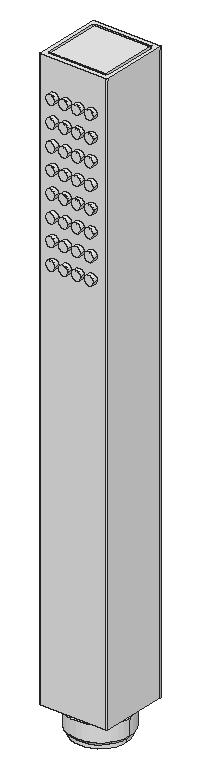
Revit family "Hand_Shower-GROHE-Euphoria_Cube+_Stick-27888000", category Plumbing Fixtures, Revit 2014
Parameters
  cUPC Compliant = yes
  Waste Connection = no
  Warranty Documentation Link = "https://cdn.cloud.grohe.com/tpi/1000/1900/1940/1949/1949006/original/1949006.pdf"
  WFU = 4  # constant formula
  Vent Connection = no
  URL = "https://www.grohe.us/"
  Tempered Connection Radius = Tempered Connection Diameter / 2  # 1/4"
  Tempered Connection Diameter = Hot Water Connection Diameter  # 1/2"
  Product Page URL = "https://www.grohe.us/en_us/euphoria-cube-hand-shower-27888000.html"
  Price = "Prices may vary. Please consult Manufacturer Representative for most up-to-date price list."  # constant formula
  Model = "27888000"
  Material = "Metal-Grohe-000-Chrome"
  Manufacturer = "Grohe"
  Hot Water Connection Diameter = Cold Water Connection Diameter  # 1/2"
  Height = 8 129/256"  # constant formula
  HWFU = 3  # constant formula
  HW Connection = yes
  Flow Rate = "2.0 gpm (7.6 L/min)"
  Finish = Metal-Grohe-000-Chrome
  Description = "Euphoria Cube+ Stick"  # constant formula
  Default Elevation = 0"
  Creation Date = "03/01/2017"  # constant formula
  Cold Water Connection Diameter = 1/2"  # constant formula
  CalGreen Compliant = yes
  CWFU = 3  # constant formula
  CW Connection = yes
  Assembly Code = "D2010710"
Reference planes (in)
  plane 1 "Center (Front/Back)": y = 0
  plane 2: z = 0
  plane 3 "Center (Left/Right)": x = 0
  plane 4: z = 8.50391
Forms (in)
  Extrusion 1, solid, material "Metal-Grohe-000-Chrome" <- "Finish"
    sketch origin (0, 0, 0) x (1, 0, 0) y (0, 1, 0)
      loop
        line (0.45239, 0.47243) -> (-0.45239, 0.47243)
        arc (-0.45239, 0.47243) -> (-0.46657, 0.46656) -> (-0.47244, 0.45239) r 0.02004
        line (-0.47244, 0.45239) -> (-0.47244, -0.45239)
        arc (-0.47244, -0.45239) -> (-0.46657, -0.46656) -> (-0.45239, -0.47243) r 0.02004
        line (-0.45239, -0.47243) -> (0.45239, -0.47244)
        arc (0.45239, -0.47244) -> (0.46657, -0.46656) -> (0.47244, -0.45239) r 0.02004
        line (0.47244, -0.45239) -> (0.47244, 0.45239)
        arc (0.47244, 0.45239) -> (0.46657, 0.46656) -> (0.45239, 0.47243) r 0.02004
    from 0.39371 to 8.50391
  Revolve 2, solid, material "Metal-Grohe-000-Chrome" <- "Finish"
    sketch origin (0, 0, 0) x (1, 0, 0) y (0, 0, 1)
      loop
        line (-0.4125, 0.31496) -> (-0.4125, 0.09754) -> (-0.3622, 0.04724) -> (-0.3622, 0) -> (0, 0) -> (0, 0.48079) -> (-0.30511, 0.48079)
        arc (-0.30511, 0.48079) -> (-0.32099, 0.39351) -> (-0.3622, 0.31496) r 0.2937
        line (-0.3622, 0.31496) -> (-0.4125, 0.31496)
      axis (0, 0.48079) -> (0, 0)
    angle from 0 to 360
  Extrusion 3, solid, material "Metal-Grohe-000-Chrome" <- "Finish"
    sketch origin (0, 0, 0) x (1, 0, 0) y (0, 0, 1)
      loop
        circle (-0.26772, 8.02166) r 0.06317
      loop
        circle (-0.08858, 8.02166) r 0.06317
      loop
        circle (-0.26772, 7.72639) r 0.06317
      loop
        circle (-0.08858, 7.72639) r 0.06317
      loop
        circle (-0.26772, 7.4311) r 0.06317
      loop
        circle (-0.08858, 7.4311) r 0.06317
      loop
        circle (-0.26772, 7.13584) r 0.06317
      loop
        circle (-0.08858, 7.13584) r 0.06317
      loop
        circle (-0.26772, 6.84056) r 0.06317
      loop
        circle (-0.08858, 6.84056) r 0.06317
      loop
        circle (-0.26772, 6.54529) r 0.06317
      loop
        circle (-0.08858, 6.54529) r 0.06317
      loop
        circle (-0.26772, 6.25) r 0.06317
      loop
        circle (-0.08858, 6.25) r 0.06317
      loop
        circle (-0.26772, 5.95472) r 0.06317
      loop
        circle (-0.08858, 5.95472) r 0.06317
      loop
        circle (0.26772, 8.02166) r 0.06317
      loop
        circle (0.08858, 8.02166) r 0.06317
      loop
        circle (0.26772, 7.72639) r 0.06317
      loop
        circle (0.08858, 7.72639) r 0.06317
      loop
        circle (0.26772, 7.4311) r 0.06317
      loop
        circle (0.08858, 7.4311) r 0.06317
      loop
        circle (0.26772, 7.13584) r 0.06317
      loop
        circle (0.08858, 7.13584) r 0.06317
      loop
        circle (0.26772, 6.84056) r 0.06317
      loop
        circle (0.08858, 6.84056) r 0.06317
      loop
        circle (0.26772, 6.54529) r 0.06317
      loop
        circle (0.08858, 6.54529) r 0.06317
      loop
        circle (0.26772, 6.25) r 0.06317
      loop
        circle (0.08858, 6.25) r 0.06317
      loop
        circle (0.26772, 5.95472) r 0.06317
      loop
        circle (0.08858, 5.95472) r 0.06317
    from 0 to 0.5315
  Extrusion 4, void
    sketch origin (0, 0, 0) x (1, 0, 0) y (0, 1, 0)
      loop
        arc (-0.37417, 0.41339) -> (-0.40201, 0.40185) -> (-0.41354, 0.37402) r 0.03937
        line (-0.41354, 0.37402) -> (-0.41354, -0.37402)
        arc (-0.41354, -0.37402) -> (-0.40201, -0.40185) -> (-0.37417, -0.41339) r 0.03937
        line (-0.37417, -0.41339) -> (0.37386, -0.41339)
        arc (0.37386, -0.41339) -> (0.4017, -0.40185) -> (0.41323, -0.37402) r 0.03937
        line (0.41323, -0.37402) -> (0.41323, 0.37402)
        arc (0.41323, 0.37402) -> (0.4017, 0.40185) -> (0.37386, 0.41339) r 0.03937
        line (0.37386, 0.41339) -> (-0.37417, 0.41339)
      loop
        line (0.38198, 0.38214) -> (-0.38229, 0.38214) -> (-0.38229, -0.38214) -> (0.38198, -0.38214) -> (0.38198, 0.38214)
    from 8.44195 to 8.50391
Cuts and joins
  Extrusion 4 cuts Extrusion 1
  joined: Extrusion 1, Revolve 2, Extrusion 3
Lines and regions (in)
  Masking region 1
    outline origin (0, 0, 0) x (1, 0, 0) y (0, 1, 0)
      loop
        line (0.45239, 0.47243) -> (-0.45239, 0.47243)
        arc (-0.45239, 0.47243) -> (-0.46657, 0.46656) -> (-0.47244, 0.45239) r 0.02004
        line (-0.47244, 0.45239) -> (-0.47244, -0.45239)
        arc (-0.47244, -0.45239) -> (-0.46657, -0.46656) -> (-0.45239, -0.47243) r 0.02004
        line (-0.45239, -0.47243) -> (-0.33089, -0.47244) -> (-0.33089, -0.5315) -> (0.33089, -0.5315) -> (0.33089, -0.47244) -> (0.45239, -0.47244)
        arc (0.45239, -0.47244) -> (0.46657, -0.46656) -> (0.47244, -0.45239) r 0.02004
        line (0.47244, -0.45239) -> (0.47244, 0.45239)
        arc (0.47244, 0.45239) -> (0.46657, 0.46656) -> (0.45239, 0.47243) r 0.02004
  symbolic lines, detail levels medium+fine
    curve 1: line (-0.20455, -0.5315, 0) -> (-0.20455, -0.47244, 0)
    curve 2: line (-0.20455, -0.47244, 0) -> (-0.15175, -0.47244, 0)
    curve 3: line (-0.15175, -0.47244, 0) -> (-0.15175, -0.5315, 0)
    curve 4: line (-0.02541, -0.5315, 0) -> (-0.02541, -0.47244, 0)
    curve 5: line (-0.02541, -0.47244, 0) -> (0.02541, -0.47244, 0)
    curve 6: line (0.02541, -0.47244, 0) -> (0.02541, -0.5315, 0)
    curve 7: line (0.15175, -0.5315, 0) -> (0.15175, -0.47244, 0)
    curve 8: line (0.15175, -0.47244, 0) -> (0.20455, -0.47244, 0)
    curve 9: line (0.20455, -0.47244, 0) -> (0.20455, -0.5315, 0)
  symbolic lines, detail levels fine
    curve 10: line (-0.33089, -0.47244, 0) -> (-0.20455, -0.47244, 0)
    curve 11: line (-0.15175, -0.47244, 0) -> (-0.02541, -0.47244, 0)
    curve 12: line (0.02541, -0.47244, 0) -> (0.15175, -0.47244, 0)
    curve 13: line (0.20455, -0.47244, 0) -> (0.33089, -0.47244, 0)
    curve 14: arc (-0.37417, 0.41339, 0) -> (-0.40201, 0.40185, 0) -> (-0.41354, 0.37402, 0) r 0.03937
    curve 15: line (-0.41354, 0.37402, 0) -> (-0.41354, -0.37402, 0)
    curve 16: arc (-0.41354, -0.37402, 0) -> (-0.40201, -0.40185, 0) -> (-0.37417, -0.41339, 0) r 0.03937
    curve 17: line (-0.37417, -0.41339, 0) -> (0.37386, -0.41339, 0)
    curve 18: arc (0.37386, -0.41339, 0) -> (0.4017, -0.40185, 0) -> (0.41323, -0.37402, 0) r 0.03937
    curve 19: line (0.41323, -0.37402, 0) -> (0.41323, 0.37402, 0)
    curve 20: arc (0.41323, 0.37402, 0) -> (0.4017, 0.40185, 0) -> (0.37386, 0.41339, 0) r 0.03937
    curve 21: line (0.37386, 0.41339, 0) -> (-0.37417, 0.41339, 0)
    curve 22: line (-0.38229, 0.38214, 0) -> (0.38198, 0.38214, 0)
    curve 23: line (-0.38229, -0.38214, 0) -> (-0.38229, 0.38214, 0)
    curve 24: line (0.38198, -0.38214, 0) -> (-0.38229, -0.38214, 0)
    curve 25: line (0.38198, 0.38214, 0) -> (0.38198, -0.38214, 0)
Dimensions and locks (in)
  "Height": plane 4 to level
  aligned and locked: plane 4 to Extrusion 1
Automatic sketch dimensions
  Extrusion 1 sketch curve to plane 3 "Center (Left/Right)" = 0.47244"
  Extrusion 1 sketch curve to Extrusion 1 sketch curve = 0.02004"  (x3)
  Extrusion 1 sketch curve to Extrusion 1 sketch curve = 0"  (x2)
  plane 3 "Center (Left/Right)" to Extrusion 1 sketch curve = 0.45239"  (x2)
  plane 1 "Center (Front/Back)" to Extrusion 1 sketch curve = 0.47244"
  Extrusion 1 sketch curve to Extrusion 1 sketch curve = 0.02005"  (x2)
  Extrusion 1 sketch curve to plane 1 "Center (Front/Back)" = 0.45239"
  Revolve 2 sketch curve to level = 0"
  Revolve 2 sketch curve to plane 3 "Center (Left/Right)" = 0"  (x2)
  Revolve 2 sketch curve to Revolve 2 sketch curve = 0.30511"
  Revolve 2 sketch curve to Revolve 2 sketch curve = 0.0571"
  level to Revolve 2 sketch curve = 0.04724"
  Revolve 2 sketch curve to Revolve 2 sketch curve = 0"
  level to Revolve 2 sketch curve = 0.09754"
  Revolve 2 sketch curve to Revolve 2 sketch curve = 0.0503"
  Revolve 2 sketch curve to Revolve 2 sketch curve = 0.18619"
  Revolve 2 sketch curve to Revolve 2 sketch curve = 0.21742"
  Revolve 2 sketch curve to Revolve 2 sketch curve = 0.16583"
  Revolve 2 sketch curve to Revolve 2 sketch curve = 0.41392"
  Revolve 2 sketch curve to Revolve 2 sketch curve = 0.06636"
  Extrusion 3 sketch curve to plane 3 "Center (Left/Right)" = 0.26772"  (x8)
  Extrusion 3 sketch curve to plane 3 "Center (Left/Right)" = 0.08858"  (x8)
  plane 3 "Center (Left/Right)" to Extrusion 3 sketch curve = 0.08858"  (x8)
  Extrusion 3 sketch curve to Extrusion 3 sketch curve = 0.17913"  (x8)
  Extrusion 3 sketch curve to plane 4 = 2.54918"
  Extrusion 3 sketch curve to Extrusion 3 sketch curve = 0"  (x22)
  Extrusion 3 sketch curve to Extrusion 3 sketch curve = 0.29528"  (x4)
  Extrusion 3 sketch curve to Extrusion 3 sketch curve = 0.29529"  (x3)
  Extrusion 3 sketch curve to Extrusion 3 sketch curve = 0.29527"  (x2)
  plane 1 "Center (Front/Back)" to Extrusion 4 sketch curve = 0.41339"
  Extrusion 4 sketch curve to plane 1 "Center (Front/Back)" = 0.37402"
  Extrusion 4 sketch curve to plane 3 "Center (Left/Right)" = 0.41354"
  plane 3 "Center (Left/Right)" to Extrusion 4 sketch curve = 0.37386"
  Extrusion 4 sketch curve to Extrusion 4 sketch curve = 0.00812"  (x7)
  Extrusion 4 sketch curve to Extrusion 4 sketch curve = 1/32"
  Masking region 1 sketch curve to plane 3 "Center (Left/Right)" = 0.47244"
  Masking region 1 sketch curve to Masking region 1 sketch curve = 0.02004"  (x3)
  Masking region 1 sketch curve to Masking region 1 sketch curve = 0.12151"  (x2)
  plane 3 "Center (Left/Right)" to Masking region 1 sketch curve = 0.45239"  (x2)
  plane 1 "Center (Front/Back)" to Masking region 1 sketch curve = 0.5315"
  Masking region 1 sketch curve to Masking region 1 sketch curve = 0.07911"  (x2)
  Masking region 1 sketch curve to plane 1 "Center (Front/Back)" = 0.45239"
  Masking region 1 sketch curve to Masking region 1 sketch curve = 0"  (x2)
  Masking region 1 sketch curve to Masking region 1 sketch curve = 0.05906"  (x2)
  curve 2 to plane 3 "Center (Left/Right)" = 0.20455"
  curve 1 to curve 3 = 0.05279"
  curve 5 to plane 3 "Center (Left/Right)" = 0.02541"
  plane 3 "Center (Left/Right)" to curve 5 = 0.02541"
  curve 5 to curve 7 = 0.12634"
  curve 7 to curve 9 = 0.05279"
  plane 1 "Center (Front/Back)" to curve 3 = 0.47244"
  curve 10 to curve 1 = 0.12634"
  curve 8 to curve 13 = 0.12634"
  curve 3 to curve 2 = 0.05906"
  curve 4 to curve 4 = 0.05906"
  curve 9 to curve 8 = 0.05906"
  curve 4 to curve 6 = 0"
  curve 7 to curve 9 = 0"
  curve 1 to curve 3 = 0"
  curve 14 to plane 3 "Center (Left/Right)" = 0.37417"
  curve 15 to curve 14 = 0.03937"
  curve 10 to curve 15 = 0.09843"
  curve 15 to curve 16 = 0.03937"
  curve 13 to curve 17 = 11/256"
  curve 17 to curve 18 = 0.03937"
  curve 19 to plane 1 "Center (Front/Back)" = 0.37402"
  curve 22 to curve 14 = 0.00812"
  curve 14 to curve 22 = 0.00812"
  curve 20 to curve 22 = 0.00812"
  curve 23 to curve 16 = 0.00812"
  curve 18 to curve 24 = 0.00812"
  radius of Extrusion 3 sketch curve = 0.06317"  (x32)
Connectors (in)
  piping at (0, 0, 0), diameter 0.5, driven by "Tempered Connection Diameter"
    settings: on cut or joined group of Extrusion 1, Revolve 2, Extrusion 3, Extrusion 4, index 1, connector inside diameter 24", connector length 0", flow factor 0, pipe flow 0 GPM, pressure drop 0.00 psi, fitting loss kfactor 0, connector angle 0.00°, fixture units 0, engagement length 0", angle of deflection 0.00°, flow configuration 0, flow direction 1, fitting loss method 0, system type 29, joint type 0, gender type 0, connector reference index -1, connector utility 0, adjustable connector no, is connector primary yes, connector description "1/2\" NPT Supply Inlet"
